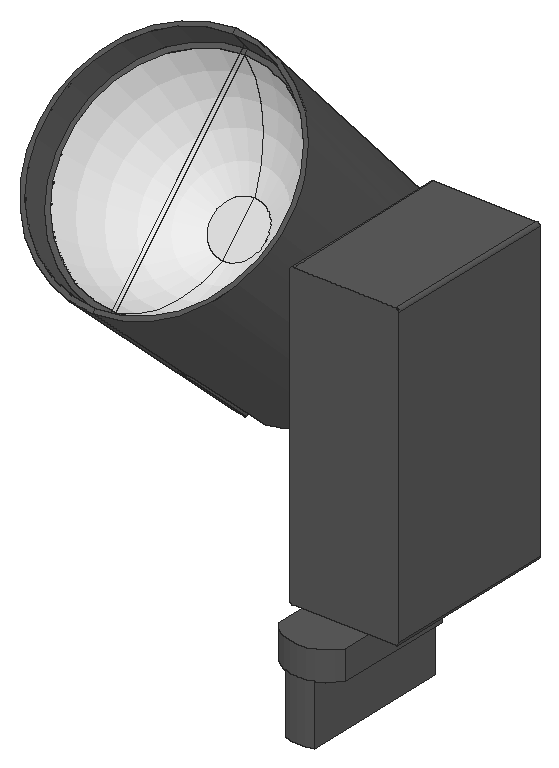
Revit family "0004893 Feilo Sylvania Lighting Fixture START TRACK SPOT L 55W 3K RA90 MB BLACK", category Lighting Fixtures, host Face, Revit 2017
Family settings
  Host = Face
  Round Connector Dimension = Use Diameter
  Part Type = Normal
  OmniClass Number = 23.80.70.00
  OmniClass Title = Lighting
  Cut with Voids When Loaded = No
  Light Source = No
  Shared = No
  Room Calculation Point = No
Parameters (values of type "0004893 START TRACK SPOT L 55W 3K RA90 MB BLACK")
  Weight = "1.398 kg"
  Wattage Comments = ""
  WarrantyStartDate [instance] = "n/a"
  WarrantyGuarantorParts = "n/a"
  WarrantyDurationUnit = "n/a"
  WarrantyDurationParts = "n/a"
  WarrantyDescription = "n/a"
  Voltage = 230 V
  URL = "http://www.sylvania-lighting.com"
  TypeName = "START TRACK SPOT L 55W 3K RA90 MB BLACK"
  TypeHead_FEILO = Start Track Spot Head : 0004893 START TRACK SPOT L 55W 3K RA90 MB BLACK
  TypeBox_FEILO = Start Track Spot Box : Type Large Black
  Type Image = <None>
  Type Comments = "n/a"
  VerticalRotation_FEILO [instance] = 0.00°
  SlideEndAngle_FEILO [instance] = VerticalRotation_FEILO + 180.00°  # 180.00°
  SerialNumber [instance] = "n/a"
  Material_3_FEILO = none
  PowerFactor = 0.96
  PowerConsumption = "55 W"
  NominalLength = 0 mm
  NominalHeight = 240 mm
  NominalDepth = 164 mm
  Name = "START TRACK SPOT L 55W 3K RA90 MB BLACK"
  ModelReference = Name  # "START TRACK SPOT L 55W 3K RA90 MB BLACK"
  ModelNumber = "0004893"
  Model = Name  # "START TRACK SPOT L 55W 3K RA90 MB BLACK"
  Material = "adc12 aluminium housing, polycarbonate diffuser"
  ManufacturerName = "Feilo Sylvania"
  Manufacturer = "Feilo Sylvania"
  LuminousEfficacy = "81 lm/W"
  LuminaireType = ""
  LightOutputRatio = "100"
  LampsType = Lamp  # "LED"
  LampNominalLuminous = "4448 lm"
  LampMacAdamStep = "3"
  LampColourTemperature = "3000 K"
  LampColourRenderingIndex = "90"
  Lamp = "LED"
  Keynote = "16500"
  InstallationDate [instance] = "n/a"
  InputVoltage = "230-240V~"
  InputNominalFrequency = "50/60 Hz"
  IngressProtection = "IP20"
  ImpactProtectionIndex = "IK02"
  IfcExportType = "IfcLightFixtureType"
  IfcExportAs = "IfcLightFixtureType"
  HorizontalRotation_FEILO [instance] = 45.00°
  ExpectedLife = 50000
  ElectricShockClassification = "Class II"
  DurationUnit = "hours"
  DocumentationLiterature = "http://www.sylvania-lighting.com/product/en-int/products/0004893"
  DimmingControlOptions = "Non dimmable"
  Material_2_FEILO = none
  Description = "Integrated LED spotlight, Textured Black - RAL9005, compact and minimalist design, ideal for retail applications, die-cast aluminium body, passive cooling heatsink. Beam angle: 38°, color temperature: 3000K , total system power: 55W, total fixture output: 4448 lm, LOR: 100%, colour rendering: Ra: 90 typical, LED Chromaticity: 3 step MacAdam ellipse, lifetime: >50000 hours at L70B50, energy class: A++, A+, A, IR/UV free light source without heat radiation, operating voltage: 220-240V / 50-60Hz, drive current: 1400mA, electronic driver, non-dimmable, power factor: 0.96, electrical protection: Class II, Global Track 3 Phase adapter suitable for Global trac 3-circuit tracks, ingress protection rating: IP20, suitable for internal environment only, horizontal rotation: 355°, vertical tilt: 90°, dimensions: Ø113x164x240, weight: 1.398kg."
  Default Elevation = 1219.2 mm
  CreatedOn = "12/12/2017"
  CreatedBy = ""
  Cost = 0
  built-in parameter 1114216 [instance] = (empty or 0)
  ClassificationValue = "EF_70_80"
  ClassificationName = "Uniclass2015"
  Material_1_FEILO = Body-Sylvania-StartTrackSpot-Black
  BarCode [instance] = "n/a"
  AssetType = "Fixed"
  AssetIdentifier [instance] = "n/a"
  Assembly Code = "D5020200"
  Apparent Load = 55 VA
  Material_4_FEILO = none
Reference planes
  plane 1 "Center (Front/Back)": y = 0
  plane 2: z = 0
  plane 3 "Center (Left/Right)": x = 0
  plane 4: x = 15
  plane 5: x = -15
  plane 6: y = 35
  plane 7: y = -35
  plane 8: z = 13
  plane 9: z = -27
  plane 10: x = 6.5
  plane 11: x = -6.5
  plane 12: y = 27
  plane 13: y = -27
  plane 14: y = 20
Forms (mm)
  Extrusion 1, solid, material "Body-Sylvania-StartTrackSpot-Black" <- "Material_1_FEILO"
    sketch origin (0, 0, 0) x (1, 0, 0) y (0, 1, 0)
      loop
        line (-15, 27) -> (-15, -27)
        arc (-15, -27) -> (0, -35) -> (15, -27) r 18.062
        line (15, -27) -> (15, 27)
        arc (15, 27) -> (0, 35) -> (-15, 27) r 18.062
    from 0 to 13
  Extrusion 2, solid, material "Body-Sylvania-StartTrackSpot-Black" <- "Material_1_FEILO"
    sketch origin (0, 0, 0) x (1, 0, 0) y (0, 1, 0)
      loop
        arc (6.5, 33.79) -> (0, 35) -> (-6.5, 33.79) r 18.062
        line (-6.5, 33.79) -> (-6.5, -33.79)
        arc (-6.5, -33.79) -> (0, -35) -> (6.5, -33.79) r 18.062
        line (6.5, -33.79) -> (6.5, 33.79)
    from 0 to -27
  Revolve 3, solid, not visible
    sketch origin (1524, 20, 1219.2) x (1, 0, 0) y (0, 0, 1)
      loop
        line (-1524, -1206.2) -> (-1524, -1191.285) -> (-1530.5, -1191.285) -> (-1530.5, -1206.2) -> (-1524, -1206.2)
      axis (-1524, -1191.285) -> (-1524, -1206.2)
    angle from 0 <- "VerticalRotation_FEILO" to 180 <- "SlideEndAngle_FEILO"
Cuts and joins
  joined: Extrusion 1, Extrusion 2
Dimensions and locks
  equal spacing: plane 10, plane 3 "Center (Left/Right)", plane 11
  equal spacing: plane 4, plane 3 "Center (Left/Right)", plane 5
  locked: plane 8 to plane 2 at 13
  locked: plane 8 to plane 9 at 40
  equal spacing: plane 13, plane 1 "Center (Front/Back)", plane 12
  locked: plane 12 to plane 6 at 8
  locked: plane 14 to plane 6 at 15
  locked: Revolve 3 sketch curve to plane 8 at 14.915
  aligned and locked: plane 2 to host face
  aligned and locked: level to host face
  aligned and locked: plane 5 to Extrusion 1 sketch curve  (x2)
  aligned and locked: plane 12 to Extrusion 1 sketch curve
  aligned and locked: plane 13 to Extrusion 1 sketch curve
  aligned and locked: plane 4 to Extrusion 1 sketch curve
  aligned and locked: Extrusion 1 to plane 8
  aligned and locked: Extrusion 1 to level
  aligned and locked: Extrusion 2 sketch curve to Extrusion 1  (x2)
  aligned and locked: Extrusion 2 sketch curve to plane 11
  aligned and locked: plane 10 to Extrusion 2 sketch curve
  aligned and locked: plane 9 to Extrusion 2
  aligned and locked: level to Extrusion 2
  aligned and locked: Revolve 3 sketch curve to plane 3 "Center (Left/Right)"  (x2)
  aligned and locked: plane 11 to Revolve 3 sketch curve
  aligned and locked: Revolve 3 sketch curve to plane 8
Automatic sketch dimensions
  host sketch curve to host sketch curve = 2438.4 mm  (x2)
  Extrusion 1 sketch curve to plane 3 "Center (Left/Right)" = 0 mm  (x2)
  Extrusion 1 sketch curve to plane 13 = 10.062 mm
  plane 12 to Extrusion 1 sketch curve = 10.062 mm
  Revolve 3 sketch curve to plane 3 "Center (Left/Right)" = 0 mm
  plane 9 to Revolve 3 sketch curve = 582.6 mm
  Revolve 3 sketch curve to Revolve 3 sketch curve = 2581.144 mm
Nested families
  nested 1: "Start Track Spot Head" at (-75.5, 20, 133) x (0, 0.7071, 0.7071) z (0, 0.7071, -0.7071), type <- "TypeHead_FEILO", type "0004893 START TRACK SPOT L 55W 3K RA90 MB BLACK"
    with built-in parameter 1114216 (empty or 0)
  nested 2: "Start Track Spot Box" at (8.5, 20, 85) x (-1, 0, 0) z (0, -1, 0), BoxStartAngle_FEILO <- "HorizontalRotation_FEILO", type <- "TypeBox_FEILO", type "Type Large Black"
    with BoxStartAngle_FEILO 45.00°, BoxEndAngle_FEILO -135.00°
Connectors
  electrical at (0, 0, 0), driven by "Apparent Load", driven by "PowerFactor", driven by "Voltage"
    settings: index 1, voltage 230 V, apparent load 55 VA, apparent load phase1 0 VA, apparent load phase2 0 VA, apparent load phase3 0 VA, power factor 0.96, load classification "Lighting", number of poles 1, system type 30, power factor state 1, is connector primary yes, connector utility no, sub classification motor no, connector description ""
Definition of nested family "Start Track Spot Head"
  Parameters (values of type "0004811 START TRACK SPOT S 14W 3K RA80 NB WHITE")
    Wattage Comments = "n/a"
    Wattage = 14 W
    built-in parameter 1150110 = 1 (stored number, unit not read)
    URL = "http://www.feilosylvania.com"
    Type Image = (empty or 0)
    Type Comments = "n/a"
    built-in parameter 1114217 = 1 (stored number, unit not read)
    Tilt Angle = -90.00°
    built-in parameter 1150109 = 1 (stored number, unit not read)
    built-in parameter 1150134 = (empty or 0)
    built-in parameter 1150113 = 1 (stored number, unit not read)
    Photometric Web File = "0004811.ies"
    Material_3_FEILO = none
    Model = "START TRACK SPOT S 14W 3K RA80 NB WHITE"
    Manufacturer = "Feilo Sylvania"
    built-in parameter 1150105 = 123.66 (stored number, unit not read)
    Lumens = 1554 lm
    built-in parameter 1150115 = 1 (stored number, unit not read)
    built-in parameter 1150137 = (empty or 0)
    built-in parameter 1150139 = (empty or 0)
    built-in parameter 1150112 = 1 (stored number, unit not read)
    built-in parameter 1150114 = 1 (stored number, unit not read)
    Lamp = "LED"
    Keynote = "16500"
    Material_2_FEILO = none
    built-in parameter 1150132 = (empty or 0)
    built-in parameter 1150102 = (empty or 0)
    built-in parameter 1150107 = 3000 (stored number, unit not read)
    built-in parameter 1150138 = (empty or 0)
    built-in parameter 1150106 = 1.2366 (stored number, unit not read)
    HeadThickness_FEILO = if(HeadDiaOut_FEILO > 112 mm, 2 mm, 1.5 mm)  # 1.5 mm
    HeadRibOffset_FEILO = HeadHeight_FEILO / 28  # 4.179 mm
    HeadRibDepth_FEILO = HeadHeight_FEILO / 2.1  # 55.714 mm
    HeadRibCutWidth_FEILO = HeadDiaOut_FEILO / 12  # 7.167 mm
    HeadRibCutOffset_FEILO = HeadHeight_FEILO / 2.3  # 50.87 mm
    HeadReflectorRadius_FEILO = HeadDiaOut_FEILO / 1.7  # 50.588 mm
    HeadReflectorOffset_FEILO = HeadHeight_FEILO / 2.1  # 55.714 mm
    HeadLEDRadius_FEILO = HeadDiaOut_FEILO / 9  # 9.556 mm
    HeadHeight_FEILO = 117 mm
    HeadDraft_FEILO = 1 mm
    HeadDiffusorThickness_FEILO = 3 mm
    HeadDiffusorOffset_FEILO = HeadHeight_FEILO / 12.4  # 9.435 mm
    HeadDiaOut_FEILO = 86 mm
    HeadDiaIn_FEILO = HeadDiaOut_FEILO / 1.11  # 77.477 mm
    HeadAxisFromTop_FEILO = HeadHeight_FEILO / 1.687  # 69.354 mm
    Emit from Circle Diameter = HeadDiaIn_FEILO  # 77.477 mm
    Emit Shape Visible in Rendering = no
    built-in parameter 1150104 = 10.312 (stored number, unit not read)
    Dimming Lamp Color Temperature Shift = (empty or 0)
    Description = "Integrated LED spotlight, Textured White - RAL9016, compact and minimalist design, ideal for retail applications, die-cast aluminium body, passive cooling heatsink. Beam angle: 12°, color temperature: 3000K , total system power: 14W, total fixture output: 1551 lm, LOR: 100%, colour rendering: Ra: 80 typical, LED Chromaticity: 3 step MacAdam ellipse, lifetime: >50000 hours at L70B50, energy class: A++, A+, A, IR/UV free light source without heat radiation, operating voltage: 220-240V / 50-60Hz, drive current: 350mA, electronic driver, non-dimmable, power factor: 0.92, electrical protection: Class II, Global Track 3 Phase adapter suitable for Global trac 3-circuit tracks, ingress protection rating: IP20, suitable for internal environment only, horizontal rotation: 355°, vertical tilt: 90°, dimensions: Ø86x140x200, weight: 0.940kg."
    Default Elevation = 1219.2 mm
    Cost = 0
    Color Filter = 16777215
    built-in parameter 1114216 [instance] = (empty or 0)
    Material_1_FEILO = none
    built-in parameter 1114218 = 1 (stored number, unit not read)
    built-in parameter 1150133 = 10 (stored number, unit not read)
    Assembly Code = "D5020200"
    Apparent Load = 14 VA
    Material_4_FEILO = none
  Types (96, lengths in mm): name | Wattage | built-in parameter 1150134 | Photometric Web File | Model | built-in parameter 1150105 | Lumens | built-in parameter 1150107 | built-in parameter 1150106 | HeadThickness_FEILO | HeadRibOffset_FEILO | HeadRibDepth_FEILO | HeadRibCutWidth_FEILO | HeadRibCutOffset_FEILO | HeadReflectorRadius_FEILO | HeadReflectorOffset_FEILO | HeadLEDRadius_FEILO | HeadHeight_FEILO | HeadDiffusorOffset_FEILO | HeadDiaOut_FEILO | HeadDiaIn_FEILO | HeadAxisFromTop_FEILO | Emit from Circle Diameter | built-in parameter 1150104 | Description | Apparent Load
    0004906 START TRACK SPOT L 55W 4K RA90 WB BLACK | 55 W | 12 | "0004906.ies" | "START TRACK SPOT L 55W 4K RA90 WB BLACK" | 385.15 (stored number, unit not read) | 4840 lm | 4000 (stored number, unit not read) | 3.8515 (stored number, unit not read) | 2 | 4.429 | 59.048 | 9.417 | 53.913 | 66.471 | 59.048 | 12.556 | 124 | 10 | 113 | 101.802 | 73.503 | 101.802 | 8.1755 (stored number, unit not read) | "Integrated LED spotlight, Textured Black - RAL9005, compact and minimalist design, ideal for retail applications, die-cast aluminium body, passive cooling heatsink. Beam angle: 52°, color temperature: 4000K , total system power: 55W, total fixture output: 4824 lm, LOR: 100%, colour rendering: Ra: 90 typical, LED Chromaticity: 3 step MacAdam ellipse, lifetime: >50000 hours at L70B50, energy class: A++, A+, A, IR/UV free light source without heat radiation, operating voltage: 220-240V / 50-60Hz, drive current: 1400mA, electronic driver, non-dimmable, power factor: 0.96, electrical protection: Class II, Global Track 3 Phase adapter suitable for Global trac 3-circuit tracks, ingress protection rating: IP20, suitable for internal environment only, horizontal rotation: 355°, vertical tilt: 90°, dimensions: Ø113x164x240, weight: 1.398kg." | 55 VA
    0004905 START TRACK SPOT L 55W 4K RA90 MB BLACK | 55 W | 12 | "0004905.ies" | "START TRACK SPOT L 55W 4K RA90 MB BLACK" | 389.53 (stored number, unit not read) | 4895 lm | 4000 (stored number, unit not read) | 3.8953 (stored number, unit not read) | 2 | 4.429 | 59.048 | 9.417 | 53.913 | 66.471 | 59.048 | 12.556 | 124 | 10 | 113 | 101.802 | 73.503 | 101.802 | 8.2684 (stored number, unit not read) | "Integrated LED spotlight, Textured Black - RAL9005, compact and minimalist design, ideal for retail applications, die-cast aluminium body, passive cooling heatsink. Beam angle: 38°, color temperature: 4000K , total system power: 55W, total fixture output: 4897 lm, LOR: 100%, colour rendering: Ra: 90 typical, LED Chromaticity: 3 step MacAdam ellipse, lifetime: >50000 hours at L70B50, energy class: A++, A+, A, IR/UV free light source without heat radiation, operating voltage: 220-240V / 50-60Hz, drive current: 1400mA, electronic driver, non-dimmable, power factor: 0.96, electrical protection: Class II, Global Track 3 Phase adapter suitable for Global trac 3-circuit tracks, ingress protection rating: IP20, suitable for internal environment only, horizontal rotation: 355°, vertical tilt: 90°, dimensions: Ø113x164x240, weight: 1.398kg." | 55 VA
    0004904 START TRACK SPOT L 55W 4K RA90 NB BLACK | 55 W | 12 | "0004904.ies" | "START TRACK SPOT L 55W 4K RA90 NB BLACK" | 393.91 (stored number, unit not read) | 4950 lm | 4000 (stored number, unit not read) | 3.9391 (stored number, unit not read) | 2 | 4.429 | 59.048 | 9.417 | 53.913 | 66.471 | 59.048 | 12.556 | 124 | 10 | 113 | 101.802 | 73.503 | 101.802 | 8.3613 (stored number, unit not read) | "Integrated LED spotlight, Textured Black - RAL9005, compact and minimalist design, ideal for retail applications, die-cast aluminium body, passive cooling heatsink. Beam angle: 15°, color temperature: 4000K , total system power: 55W, total fixture output: 4965 lm, LOR: 100%, colour rendering: Ra: 90 typical, LED Chromaticity: 3 step MacAdam ellipse, lifetime: >50000 hours at L70B50, energy class: A++, A+, A, IR/UV free light source without heat radiation, operating voltage: 220-240V / 50-60Hz, drive current: 1400mA, electronic driver, non-dimmable, power factor: 0.96, electrical protection: Class II, Global Track 3 Phase adapter suitable for Global trac 3-circuit tracks, ingress protection rating: IP20, suitable for internal environment only, horizontal rotation: 355°, vertical tilt: 90°, dimensions: Ø113x164x240, weight: 1.398kg." | 55 VA
    0004903 START TRACK SPOT L 35W 4K RA90 WB BLACK | 35 W | 12 | "0004903.ies" | "START TRACK SPOT L 35W 4K RA90 WB BLACK" | 284.09 (stored number, unit not read) | 3570 lm | 4000 (stored number, unit not read) | 2.8409 (stored number, unit not read) | 2 | 4.429 | 59.048 | 9.417 | 53.913 | 66.471 | 59.048 | 12.556 | 124 | 10 | 113 | 101.802 | 73.503 | 101.802 | 9.4761 (stored number, unit not read) | "Integrated LED spotlight, Textured Black - RAL9005, compact and minimalist design, ideal for retail applications, die-cast aluminium body, passive cooling heatsink. Beam angle: 52°, color temperature: 4000K , total system power: 35W, total fixture output: 3562 lm, LOR: 100%, colour rendering: Ra: 90 typical, LED Chromaticity: 3 step MacAdam ellipse, lifetime: >50000 hours at L70B50, energy class: A++, A+, A, IR/UV free light source without heat radiation, operating voltage: 220-240V / 50-60Hz, drive current: 900mA, electronic driver, non-dimmable, power factor: 0.93, electrical protection: Class II, Global Track 3 Phase adapter suitable for Global trac 3-circuit tracks, ingress protection rating: IP20, suitable for internal environment only, horizontal rotation: 355°, vertical tilt: 90°, dimensions: Ø113x164x240, weight: 1.368kg." | 35 VA
    0004902 START TRACK SPOT L 35W 4K RA90 MB BLACK | 35 W | 12 | "0004902.ies" | "START TRACK SPOT L 35W 4K RA90 MB BLACK" | 286.88 (stored number, unit not read) | 3605 lm | 4000 (stored number, unit not read) | 2.8688 (stored number, unit not read) | 2 | 4.429 | 59.048 | 9.417 | 53.913 | 66.471 | 59.048 | 12.556 | 124 | 10 | 113 | 101.802 | 73.503 | 101.802 | 9.569 (stored number, unit not read) | "Integrated LED spotlight, Textured Black - RAL9005, compact and minimalist design, ideal for retail applications, die-cast aluminium body, passive cooling heatsink. Beam angle: 38°, color temperature: 4000K , total system power: 35W, total fixture output: 3616 lm, LOR: 100%, colour rendering: Ra: 90 typical, LED Chromaticity: 3 step MacAdam ellipse, lifetime: >50000 hours at L70B50, energy class: A++, A+, A, IR/UV free light source without heat radiation, operating voltage: 220-240V / 50-60Hz, drive current: 900mA, electronic driver, non-dimmable, power factor: 0.93, electrical protection: Class II, Global Track 3 Phase adapter suitable for Global trac 3-circuit tracks, ingress protection rating: IP20, suitable for internal environment only, horizontal rotation: 355°, vertical tilt: 90°, dimensions: Ø113x164x240, weight: 1.368kg." | 35 VA
    0004901 START TRACK SPOT L 35W 4K RA90 NB BLACK | 35 W | 12 | "0004901.ies" | "START TRACK SPOT L 35W 4K RA90 NB BLACK" | 286.88 (stored number, unit not read) | 3605 lm | 4000 (stored number, unit not read) | 2.8688 (stored number, unit not read) | 2 | 4.429 | 59.048 | 9.417 | 53.913 | 66.471 | 59.048 | 12.556 | 124 | 10 | 113 | 101.802 | 73.503 | 101.802 | 9.569 (stored number, unit not read) | "Integrated LED spotlight, Textured Black - RAL9005, compact and minimalist design, ideal for retail applications, die-cast aluminium body, passive cooling heatsink. Beam angle: 15°, color temperature: 4000K , total system power: 35W, total fixture output: 3593 lm, LOR: 100%, colour rendering: Ra: 90 typical, LED Chromaticity: 3 step MacAdam ellipse, lifetime: >50000 hours at L70B50, energy class: A++, A+, A, IR/UV free light source without heat radiation, operating voltage: 220-240V / 50-60Hz, drive current: 900mA, electronic driver, non-dimmable, power factor: 0.93, electrical protection: Class II, Global Track 3 Phase adapter suitable for Global trac 3-circuit tracks, ingress protection rating: IP20, suitable for internal environment only, horizontal rotation: 355°, vertical tilt: 90°, dimensions: Ø113x164x240, weight: 1.368kg." | 35 VA
    0004900 START TRACK SPOT S 24W 4K RA90 WB BLACK | 24 W | 12 | "0004900.ies" | "START TRACK SPOT S 24W 4K RA90 WB BLACK" | 166.16 (stored number, unit not read) | 2088 lm | 4000 (stored number, unit not read) | 1.6616 (stored number, unit not read) | 1.5 | 4.179 | 55.714 | 7.167 | 50.87 | 50.588 | 55.714 | 9.556 | 117 | 9.435 | 86 | 77.477 | 69.354 | 77.477 | 8.0826 (stored number, unit not read) | "Integrated LED spotlight, Textured Black - RAL9005, compact and minimalist design, ideal for retail applications, die-cast aluminium body, passive cooling heatsink. Beam angle: 64°, color temperature: 4000K , total system power: 24W, total fixture output: 2087 lm, LOR: 100%, colour rendering: Ra: 90 typical, LED Chromaticity: 3 step MacAdam ellipse, lifetime: >50000 hours at L70B50, energy class: A++, A+, A, IR/UV free light source without heat radiation, operating voltage: 220-240V / 50-60Hz, drive current: 600mA, electronic driver, non-dimmable, power factor: 0.95, electrical protection: Class II, Global Track 3 Phase adapter suitable for Global trac 3-circuit tracks, ingress protection rating: IP20, suitable for internal environment only, horizontal rotation: 355°, vertical tilt: 90°, dimensions: Ø86x140x200, weight: 0.966kg." | 24 VA
    0004899 START TRACK SPOT S 24W 4K RA90 MB BLACK | 24 W | 12 | "0004899.ies" | "START TRACK SPOT S 24W 4K RA90 MB BLACK" | 169.98 (stored number, unit not read) | 2136 lm | 4000 (stored number, unit not read) | 1.6998 (stored number, unit not read) | 1.5 | 4.179 | 55.714 | 7.167 | 50.87 | 50.588 | 55.714 | 9.556 | 117 | 9.435 | 86 | 77.477 | 69.354 | 77.477 | 8.2684 (stored number, unit not read) | "Integrated LED spotlight, Textured Black - RAL9005, compact and minimalist design, ideal for retail applications, die-cast aluminium body, passive cooling heatsink. Beam angle: 36°, color temperature: 4000K , total system power: 24W, total fixture output: 2141 lm, LOR: 100%, colour rendering: Ra: 90 typical, LED Chromaticity: 3 step MacAdam ellipse, lifetime: >50000 hours at L70B50, energy class: A++, A+, A, IR/UV free light source without heat radiation, operating voltage: 220-240V / 50-60Hz, drive current: 600mA, electronic driver, non-dimmable, power factor: 0.95, electrical protection: Class II, Global Track 3 Phase adapter suitable for Global trac 3-circuit tracks, ingress protection rating: IP20, suitable for internal environment only, horizontal rotation: 355°, vertical tilt: 90°, dimensions: Ø86x140x200, weight: 0.966kg." | 24 VA
    0004898 START TRACK SPOT S 24W 4K RA90 NB BLACK | 24 W | 12 | "0004898.ies" | "START TRACK SPOT S 24W 4K RA90 NB BLACK" | 171.89 (stored number, unit not read) | 2160 lm | 4000 (stored number, unit not read) | 1.7189 (stored number, unit not read) | 1.5 | 4.179 | 55.714 | 7.167 | 50.87 | 50.588 | 55.714 | 9.556 | 117 | 9.435 | 86 | 77.477 | 69.354 | 77.477 | 8.3613 (stored number, unit not read) | "Integrated LED spotlight, Textured Black - RAL9005, compact and minimalist design, ideal for retail applications, die-cast aluminium body, passive cooling heatsink. Beam angle: 12°, color temperature: 4000K , total system power: 24W, total fixture output: 2155 lm, LOR: 100%, colour rendering: Ra: 90 typical, LED Chromaticity: 3 step MacAdam ellipse, lifetime: >50000 hours at L70B50, energy class: A++, A+, A, IR/UV free light source without heat radiation, operating voltage: 220-240V / 50-60Hz, drive current: 600mA, electronic driver, non-dimmable, power factor: 0.95, electrical protection: Class II, Global Track 3 Phase adapter suitable for Global trac 3-circuit tracks, ingress protection rating: IP20, suitable for internal environment only, horizontal rotation: 355°, vertical tilt: 90°, dimensions: Ø86x140x200, weight: 0.966kg." | 24 VA
    0004897 START TRACK SPOT S 14W 4K RA90 WB BLACK | 14 W | 12 | "0004897.ies" | "START TRACK SPOT S 14W 4K RA90 WB BLACK" | 108.07 (stored number, unit not read) | 1358 lm | 4000 (stored number, unit not read) | 1.0807 (stored number, unit not read) | 1.5 | 4.179 | 55.714 | 7.167 | 50.87 | 50.588 | 55.714 | 9.556 | 117 | 9.435 | 86 | 77.477 | 69.354 | 77.477 | 9.0116 (stored number, unit not read) | "Integrated LED spotlight, Textured Black - RAL9005, compact and minimalist design, ideal for retail applications, die-cast aluminium body, passive cooling heatsink. Beam angle: 64°, color temperature: 4000K , total system power: 14W, total fixture output: 1352 lm, LOR: 100%, colour rendering: Ra: 90 typical, LED Chromaticity: 3 step MacAdam ellipse, lifetime: >50000 hours at L70B50, energy class: A++, A+, A, IR/UV free light source without heat radiation, operating voltage: 220-240V / 50-60Hz, drive current: 350mA, electronic driver, non-dimmable, power factor: 0.92, electrical protection: Class II, Global Track 3 Phase adapter suitable for Global trac 3-circuit tracks, ingress protection rating: IP20, suitable for internal environment only, horizontal rotation: 355°, vertical tilt: 90°, dimensions: Ø86x140x200, weight: 0.940kg." | 14 VA
    0004896 START TRACK SPOT S 14W 4K RA90 MB BLACK | 14 W | 12 | "0004896.ies" | "START TRACK SPOT S 14W 4K RA90 MB BLACK" | 108.07 (stored number, unit not read) | 1358 lm | 4000 (stored number, unit not read) | 1.0807 (stored number, unit not read) | 1.5 | 4.179 | 55.714 | 7.167 | 50.87 | 50.588 | 55.714 | 9.556 | 117 | 9.435 | 86 | 77.477 | 69.354 | 77.477 | 9.0116 (stored number, unit not read) | "Integrated LED spotlight, Textured Black - RAL9005, compact and minimalist design, ideal for retail applications, die-cast aluminium body, passive cooling heatsink. Beam angle: 36°, color temperature: 4000K , total system power: 14W, total fixture output: 1359 lm, LOR: 100%, colour rendering: Ra: 90 typical, LED Chromaticity: 3 step MacAdam ellipse, lifetime: >50000 hours at L70B50, energy class: A++, A+, A, IR/UV free light source without heat radiation, operating voltage: 220-240V / 50-60Hz, drive current: 350mA, electronic driver, non-dimmable, power factor: 0.92, electrical protection: Class II, Global Track 3 Phase adapter suitable for Global trac 3-circuit tracks, ingress protection rating: IP20, suitable for internal environment only, horizontal rotation: 355°, vertical tilt: 90°, dimensions: Ø86x140x200, weight: 0.940kg." | 14 VA
    0004895 START TRACK SPOT S 14W 4K RA90 NB BLACK | 14 W | 12 | "0004895.ies" | "START TRACK SPOT S 14W 4K RA90 NB BLACK" | 106.95 (stored number, unit not read) | 1344 lm | 4000 (stored number, unit not read) | 1.0695 (stored number, unit not read) | 1.5 | 4.179 | 55.714 | 7.167 | 50.87 | 50.588 | 55.714 | 9.556 | 117 | 9.435 | 86 | 77.477 | 69.354 | 77.477 | 8.9187 (stored number, unit not read) | "Integrated LED spotlight, Textured Black - RAL9005, compact and minimalist design, ideal for retail applications, die-cast aluminium body, passive cooling heatsink. Beam angle: 12°, color temperature: 4000K , total system power: 14W, total fixture output: 1349 lm, LOR: 100%, colour rendering: Ra: 90 typical, LED Chromaticity: 3 step MacAdam ellipse, lifetime: >50000 hours at L70B50, energy class: A++, A+, A, IR/UV free light source without heat radiation, operating voltage: 220-240V / 50-60Hz, drive current: 350mA, electronic driver, non-dimmable, power factor: 0.92, electrical protection: Class II, Global Track 3 Phase adapter suitable for Global trac 3-circuit tracks, ingress protection rating: IP20, suitable for internal environment only, horizontal rotation: 355°, vertical tilt: 90°, dimensions: Ø86x140x200, weight: 0.940kg." | 14 VA
    0004894 START TRACK SPOT L 55W 3K RA90 WB BLACK | 55 W | (empty or 0) | "0004894.ies" | "START TRACK SPOT L 55W 3K RA90 WB BLACK" | 350.14 (stored number, unit not read) | 4400 lm | 3000 (stored number, unit not read) | 3.5014 (stored number, unit not read) | 2 | 4.429 | 59.048 | 9.417 | 53.913 | 66.471 | 59.048 | 12.556 | 124 | 10 | 113 | 101.802 | 73.503 | 101.802 | 7.4322 (stored number, unit not read) | "Integrated LED spotlight, Textured Black - RAL9005, compact and minimalist design, ideal for retail applications, die-cast aluminium body, passive cooling heatsink. Beam angle: 52°, color temperature: 3000K , total system power: 55W, total fixture output: 4405 lm, LOR: 100%, colour rendering: Ra: 90 typical, LED Chromaticity: 3 step MacAdam ellipse, lifetime: >50000 hours at L70B50, energy class: A++, A+, A, IR/UV free light source without heat radiation, operating voltage: 220-240V / 50-60Hz, drive current: 1400mA, electronic driver, non-dimmable, power factor: 0.96, electrical protection: Class II, Global Track 3 Phase adapter suitable for Global trac 3-circuit tracks, ingress protection rating: IP20, suitable for internal environment only, horizontal rotation: 355°, vertical tilt: 90°, dimensions: Ø113x164x240, weight: 1.398kg." | 55 VA
    0004893 START TRACK SPOT L 55W 3K RA90 MB BLACK | 55 W | (empty or 0) | "0004893.ies" | "START TRACK SPOT L 55W 3K RA90 MB BLACK" | 354.52 (stored number, unit not read) | 4455 lm | 3000 (stored number, unit not read) | 3.5452 (stored number, unit not read) | 2 | 4.429 | 59.048 | 9.417 | 53.913 | 66.471 | 59.048 | 12.556 | 124 | 10 | 113 | 101.802 | 73.503 | 101.802 | 7.5251 (stored number, unit not read) | "Integrated LED spotlight, Textured Black - RAL9005, compact and minimalist design, ideal for retail applications, die-cast aluminium body, passive cooling heatsink. Beam angle: 38°, color temperature: 3000K , total system power: 55W, total fixture output: 4448 lm, LOR: 100%, colour rendering: Ra: 90 typical, LED Chromaticity: 3 step MacAdam ellipse, lifetime: >50000 hours at L70B50, energy class: A++, A+, A, IR/UV free light source without heat radiation, operating voltage: 220-240V / 50-60Hz, drive current: 1400mA, electronic driver, non-dimmable, power factor: 0.96, electrical protection: Class II, Global Track 3 Phase adapter suitable for Global trac 3-circuit tracks, ingress protection rating: IP20, suitable for internal environment only, horizontal rotation: 355°, vertical tilt: 90°, dimensions: Ø113x164x240, weight: 1.398kg." | 55 VA
    0004892 START TRACK SPOT L 55W 3K RA90 NB BLACK | 55 W | (empty or 0) | "0004892.ies" | "START TRACK SPOT L 55W 3K RA90 NB BLACK" | 350.14 (stored number, unit not read) | 4400 lm | 3000 (stored number, unit not read) | 3.5014 (stored number, unit not read) | 2 | 4.429 | 59.048 | 9.417 | 53.913 | 66.471 | 59.048 | 12.556 | 124 | 10 | 113 | 101.802 | 73.503 | 101.802 | 7.4322 (stored number, unit not read) | "Integrated LED spotlight, Textured Black - RAL9005, compact and minimalist design, ideal for retail applications, die-cast aluminium body, passive cooling heatsink. Beam angle: 15°, color temperature: 3000K , total system power: 55W, total fixture output: 4416 lm, LOR: 100%, colour rendering: Ra: 90 typical, LED Chromaticity: 3 step MacAdam ellipse, lifetime: >50000 hours at L70B50, energy class: A++, A+, A, IR/UV free light source without heat radiation, operating voltage: 220-240V / 50-60Hz, drive current: 1400mA, electronic driver, non-dimmable, power factor: 0.96, electrical protection: Class II, Global Track 3 Phase adapter suitable for Global trac 3-circuit tracks, ingress protection rating: IP20, suitable for internal environment only, horizontal rotation: 355°, vertical tilt: 90°, dimensions: Ø113x164x240, weight: 1.398kg." | 55 VA
    0004891 START TRACK SPOT L 35W 3K RA90 WB BLACK | 35 W | (empty or 0) | "0004891.ies" | "START TRACK SPOT L 35W 3K RA90 WB BLACK" | 259.02 (stored number, unit not read) | 3255 lm | 3000 (stored number, unit not read) | 2.5902 (stored number, unit not read) | 2 | 4.429 | 59.048 | 9.417 | 53.913 | 66.471 | 59.048 | 12.556 | 124 | 10 | 113 | 101.802 | 73.503 | 101.802 | 8.64 (stored number, unit not read) | "Integrated LED spotlight, Textured Black - RAL9005, compact and minimalist design, ideal for retail applications, die-cast aluminium body, passive cooling heatsink. Beam angle: 52°, color temperature: 3000K , total system power: 35W, total fixture output: 3260 lm, LOR: 100%, colour rendering: Ra: 90 typical, LED Chromaticity: 3 step MacAdam ellipse, lifetime: >50000 hours at L70B50, energy class: A++, A+, A, IR/UV free light source without heat radiation, operating voltage: 220-240V / 50-60Hz, drive current: 900mA, electronic driver, non-dimmable, power factor: 0.93, electrical protection: Class II, Global Track 3 Phase adapter suitable for Global trac 3-circuit tracks, ingress protection rating: IP20, suitable for internal environment only, horizontal rotation: 355°, vertical tilt: 90°, dimensions: Ø113x164x240, weight: 1.368kg." | 35 VA
    0004890 START TRACK SPOT L 35W 3K RA90 MB BLACK | 35 W | (empty or 0) | "0004890.ies" | "START TRACK SPOT L 35W 3K RA90 MB BLACK" | 261.81 (stored number, unit not read) | 3290 lm | 3000 (stored number, unit not read) | 2.6181 (stored number, unit not read) | 2 | 4.429 | 59.048 | 9.417 | 53.913 | 66.471 | 59.048 | 12.556 | 124 | 10 | 113 | 101.802 | 73.503 | 101.802 | 8.7329 (stored number, unit not read) | "Integrated LED spotlight, Textured Black - RAL9005, compact and minimalist design, ideal for retail applications, die-cast aluminium body, passive cooling heatsink. Beam angle: 38°, color temperature: 3000K , total system power: 35W, total fixture output: 3306 lm, LOR: 100%, colour rendering: Ra: 90 typical, LED Chromaticity: 3 step MacAdam ellipse, lifetime: >50000 hours at L70B50, energy class: A++, A+, A, IR/UV free light source without heat radiation, operating voltage: 220-240V / 50-60Hz, drive current: 900mA, electronic driver, non-dimmable, power factor: 0.93, electrical protection: Class II, Global Track 3 Phase adapter suitable for Global trac 3-circuit tracks, ingress protection rating: IP20, suitable for internal environment only, horizontal rotation: 355°, vertical tilt: 90°, dimensions: Ø113x164x240, weight: 1.368kg." | 35 VA
    0004889 START TRACK SPOT L 35W 3K RA90 NB BLACK | 35 W | (empty or 0) | "0004889.ies" | "START TRACK SPOT L 35W 3K RA90 NB BLACK" | 261.81 (stored number, unit not read) | 3290 lm | 3000 (stored number, unit not read) | 2.6181 (stored number, unit not read) | 2 | 4.429 | 59.048 | 9.417 | 53.913 | 66.471 | 59.048 | 12.556 | 124 | 10 | 113 | 101.802 | 73.503 | 101.802 | 8.7329 (stored number, unit not read) | "Integrated LED spotlight, Textured Black - RAL9005, compact and minimalist design, ideal for retail applications, die-cast aluminium body, passive cooling heatsink. Beam angle: 15°, color temperature: 3000K , total system power: 35W, total fixture output: 3287 lm, LOR: 100%, colour rendering: Ra: 90 typical, LED Chromaticity: 3 step MacAdam ellipse, lifetime: >50000 hours at L70B50, energy class: A++, A+, A, IR/UV free light source without heat radiation, operating voltage: 220-240V / 50-60Hz, drive current: 900mA, electronic driver, non-dimmable, power factor: 0.93, electrical protection: Class II, Global Track 3 Phase adapter suitable for Global trac 3-circuit tracks, ingress protection rating: IP20, suitable for internal environment only, horizontal rotation: 355°, vertical tilt: 90°, dimensions: Ø113x164x240, weight: 1.368kg." | 35 VA
    0004888 START TRACK SPOT S 24W 3K RA90 WB BLACK | 24 W | (empty or 0) | "0004888.ies" | "START TRACK SPOT S 24W 3K RA90 WB BLACK" | 152.79 (stored number, unit not read) | 1920 lm | 3000 (stored number, unit not read) | 1.5279 (stored number, unit not read) | 1.5 | 4.179 | 55.714 | 7.167 | 50.87 | 50.588 | 55.714 | 9.556 | 117 | 9.435 | 86 | 77.477 | 69.354 | 77.477 | 7.4322 (stored number, unit not read) | "Integrated LED spotlight, Textured Black - RAL9005, compact and minimalist design, ideal for retail applications, die-cast aluminium body, passive cooling heatsink. Beam angle: 64°, color temperature: 3000K , total system power: 24W, total fixture output: 1928 lm, LOR: 100%, colour rendering: Ra: 90 typical, LED Chromaticity: 3 step MacAdam ellipse, lifetime: >50000 hours at L70B50, energy class: A++, A+, A, IR/UV free light source without heat radiation, operating voltage: 220-240V / 50-60Hz, drive current: 600mA, electronic driver, non-dimmable, power factor: 0.95, electrical protection: Class II, Global Track 3 Phase adapter suitable for Global trac 3-circuit tracks, ingress protection rating: IP20, suitable for internal environment only, horizontal rotation: 355°, vertical tilt: 90°, dimensions: Ø86x140x200, weight: 0.966kg." | 24 VA
    0004887 START TRACK SPOT S 24W 3K RA90 MB BLACK | 24 W | (empty or 0) | "0004887.ies" | "START TRACK SPOT S 24W 3K RA90 MB BLACK" | 154.7 (stored number, unit not read) | 1944 lm | 3000 (stored number, unit not read) | 1.547 (stored number, unit not read) | 1.5 | 4.179 | 55.714 | 7.167 | 50.87 | 50.588 | 55.714 | 9.556 | 117 | 9.435 | 86 | 77.477 | 69.354 | 77.477 | 7.5251 (stored number, unit not read) | "Integrated LED spotlight, Textured Black - RAL9005, compact and minimalist design, ideal for retail applications, die-cast aluminium body, passive cooling heatsink. Beam angle: 36°, color temperature: 3000K , total system power: 24W, total fixture output: 1944 lm, LOR: 100%, colour rendering: Ra: 90 typical, LED Chromaticity: 3 step MacAdam ellipse, lifetime: >50000 hours at L70B50, energy class: A++, A+, A, IR/UV free light source without heat radiation, operating voltage: 220-240V / 50-60Hz, drive current: 600mA, electronic driver, non-dimmable, power factor: 0.95, electrical protection: Class II, Global Track 3 Phase adapter suitable for Global trac 3-circuit tracks, ingress protection rating: IP20, suitable for internal environment only, horizontal rotation: 355°, vertical tilt: 90°, dimensions: Ø86x140x200, weight: 0.966kg." | 24 VA
    0004886 START TRACK SPOT S 24W 3K RA90 NB BLACK | 24 W | (empty or 0) | "0004886.ies" | "START TRACK SPOT S 24W 3K RA90 NB BLACK" | 158.52 (stored number, unit not read) | 1992 lm | 3000 (stored number, unit not read) | 1.5852 (stored number, unit not read) | 1.5 | 4.179 | 55.714 | 7.167 | 50.87 | 50.588 | 55.714 | 9.556 | 117 | 9.435 | 86 | 77.477 | 69.354 | 77.477 | 7.711 (stored number, unit not read) | "Integrated LED spotlight, Textured Black - RAL9005, compact and minimalist design, ideal for retail applications, die-cast aluminium body, passive cooling heatsink. Beam angle: 12°, color temperature: 3000K , total system power: 24W, total fixture output: 1987 lm, LOR: 100%, colour rendering: Ra: 90 typical, LED Chromaticity: 3 step MacAdam ellipse, lifetime: >50000 hours at L70B50, energy class: A++, A+, A, IR/UV free light source without heat radiation, operating voltage: 220-240V / 50-60Hz, drive current: 600mA, electronic driver, non-dimmable, power factor: 0.95, electrical protection: Class II, Global Track 3 Phase adapter suitable for Global trac 3-circuit tracks, ingress protection rating: IP20, suitable for internal environment only, horizontal rotation: 355°, vertical tilt: 90°, dimensions: Ø86x140x200, weight: 0.966kg." | 24 VA
    0004885 START TRACK SPOT S 14W 3K RA90 WB BLACK | 14 W | (empty or 0) | "0004885.ies" | "START TRACK SPOT S 14W 3K RA90 WB BLACK" | 100.27 (stored number, unit not read) | 1260 lm | 3000 (stored number, unit not read) | 1.0027 (stored number, unit not read) | 1.5 | 4.179 | 55.714 | 7.167 | 50.87 | 50.588 | 55.714 | 9.556 | 117 | 9.435 | 86 | 77.477 | 69.354 | 77.477 | 8.3613 (stored number, unit not read) | "Integrated LED spotlight, Textured Black - RAL9005, compact and minimalist design, ideal for retail applications, die-cast aluminium body, passive cooling heatsink. Beam angle: 64°, color temperature: 3000K , total system power: 14W, total fixture output: 1262 lm, LOR: 100%, colour rendering: Ra: 90 typical, LED Chromaticity: 3 step MacAdam ellipse, lifetime: >50000 hours at L70B50, energy class: A++, A+, A, IR/UV free light source without heat radiation, operating voltage: 220-240V / 50-60Hz, drive current: 350mA, electronic driver, non-dimmable, power factor: 0.92, electrical protection: Class II, Global Track 3 Phase adapter suitable for Global trac 3-circuit tracks, ingress protection rating: IP20, suitable for internal environment only, horizontal rotation: 355°, vertical tilt: 90°, dimensions: Ø86x140x200, weight: 0.940kg." | 14 VA
    0004884 START TRACK SPOT S 14W 3K RA90 MB BLACK | 14 W | (empty or 0) | "0004884.ies" | "START TRACK SPOT S 14W 3K RA90 MB BLACK" | 100.27 (stored number, unit not read) | 1260 lm | 3000 (stored number, unit not read) | 1.0027 (stored number, unit not read) | 1.5 | 4.179 | 55.714 | 7.167 | 50.87 | 50.588 | 55.714 | 9.556 | 117 | 9.435 | 86 | 77.477 | 69.354 | 77.477 | 8.3613 (stored number, unit not read) | "Integrated LED spotlight, Textured Black - RAL9005, compact and minimalist design, ideal for retail applications, die-cast aluminium body, passive cooling heatsink. Beam angle: 36°, color temperature: 3000K , total system power: 14W, total fixture output: 1262 lm, LOR: 100%, colour rendering: Ra: 90 typical, LED Chromaticity: 3 step MacAdam ellipse, lifetime: >50000 hours at L70B50, energy class: A++, A+, A, IR/UV free light source without heat radiation, operating voltage: 220-240V / 50-60Hz, drive current: 350mA, electronic driver, non-dimmable, power factor: 0.92, electrical protection: Class II, Global Track 3 Phase adapter suitable for Global trac 3-circuit tracks, ingress protection rating: IP20, suitable for internal environment only, horizontal rotation: 355°, vertical tilt: 90°, dimensions: Ø86x140x200, weight: 0.940kg." | 14 VA
    0004883 START TRACK SPOT S 14W 3K RA90 NB BLACK | 14 W | (empty or 0) | "0004883.ies" | "START TRACK SPOT S 14W 3K RA90 NB BLACK" | 102.5 (stored number, unit not read) | 1288 lm | 3000 (stored number, unit not read) | 1.025 (stored number, unit not read) | 1.5 | 4.179 | 55.714 | 7.167 | 50.87 | 50.588 | 55.714 | 9.556 | 117 | 9.435 | 86 | 77.477 | 69.354 | 77.477 | 8.5471 (stored number, unit not read) | "Integrated LED spotlight, Textured Black - RAL9005, compact and minimalist design, ideal for retail applications, die-cast aluminium body, passive cooling heatsink. Beam angle: 12°, color temperature: 3000K , total system power: 14W, total fixture output: 1284 lm, LOR: 100%, colour rendering: Ra: 90 typical, LED Chromaticity: 3 step MacAdam ellipse, lifetime: >50000 hours at L70B50, energy class: A++, A+, A, IR/UV free light source without heat radiation, operating voltage: 220-240V / 50-60Hz, drive current: 350mA, electronic driver, non-dimmable, power factor: 0.92, electrical protection: Class II, Global Track 3 Phase adapter suitable for Global trac 3-circuit tracks, ingress protection rating: IP20, suitable for internal environment only, horizontal rotation: 355°, vertical tilt: 90°, dimensions: Ø86x140x200, weight: 0.940kg." | 14 VA
    0004882 START TRACK SPOT L 55W 4K RA90 WB WHITE | 55 W | 12 | "0004882.ies" | "START TRACK SPOT L 55W 4K RA90 WB WHITE" | 385.15 (stored number, unit not read) | 4840 lm | 4000 (stored number, unit not read) | 3.8515 (stored number, unit not read) | 2 | 4.429 | 59.048 | 9.417 | 53.913 | 66.471 | 59.048 | 12.556 | 124 | 10 | 113 | 101.802 | 73.503 | 101.802 | 8.1755 (stored number, unit not read) | "Integrated LED spotlight, Textured White - RAL9016, compact and minimalist design, ideal for retail applications, die-cast aluminium body, passive cooling heatsink. Beam angle: 52°, color temperature: 4000K , total system power: 55W, total fixture output: 4824 lm, LOR: 100%, colour rendering: Ra: 90 typical, LED Chromaticity: 3 step MacAdam ellipse, lifetime: >50000 hours at L70B50, energy class: A++, A+, A, IR/UV free light source without heat radiation, operating voltage: 220-240V / 50-60Hz, drive current: 1400mA, electronic driver, non-dimmable, power factor: 0.96, electrical protection: Class II, Global Track 3 Phase adapter suitable for Global trac 3-circuit tracks, ingress protection rating: IP20, suitable for internal environment only, horizontal rotation: 355°, vertical tilt: 90°, dimensions: Ø113x164x240, weight: 1.398kg." | 55 VA
    0004881 START TRACK SPOT L 55W 4K RA90 MB WHITE | 55 W | 12 | "0004881.ies" | "START TRACK SPOT L 55W 4K RA90 MB WHITE" | 389.53 (stored number, unit not read) | 4895 lm | 4000 (stored number, unit not read) | 3.8953 (stored number, unit not read) | 2 | 4.429 | 59.048 | 9.417 | 53.913 | 66.471 | 59.048 | 12.556 | 124 | 10 | 113 | 101.802 | 73.503 | 101.802 | 8.2684 (stored number, unit not read) | "Integrated LED spotlight, Textured White - RAL9016, compact and minimalist design, ideal for retail applications, die-cast aluminium body, passive cooling heatsink. Beam angle: 38°, color temperature: 4000K , total system power: 55W, total fixture output: 4897 lm, LOR: 100%, colour rendering: Ra: 90 typical, LED Chromaticity: 3 step MacAdam ellipse, lifetime: >50000 hours at L70B50, energy class: A++, A+, A, IR/UV free light source without heat radiation, operating voltage: 220-240V / 50-60Hz, drive current: 1400mA, electronic driver, non-dimmable, power factor: 0.96, electrical protection: Class II, Global Track 3 Phase adapter suitable for Global trac 3-circuit tracks, ingress protection rating: IP20, suitable for internal environment only, horizontal rotation: 355°, vertical tilt: 90°, dimensions: Ø113x164x240, weight: 1.398kg." | 55 VA
    0004880 START TRACK SPOT L 55W 4K RA90 NB WHITE | 55 W | 12 | "0004880.ies" | "START TRACK SPOT L 55W 4K RA90 NB WHITE" | 393.91 (stored number, unit not read) | 4950 lm | 4000 (stored number, unit not read) | 3.9391 (stored number, unit not read) | 2 | 4.429 | 59.048 | 9.417 | 53.913 | 66.471 | 59.048 | 12.556 | 124 | 10 | 113 | 101.802 | 73.503 | 101.802 | 8.3613 (stored number, unit not read) | "Integrated LED spotlight, Textured White - RAL9016, compact and minimalist design, ideal for retail applications, die-cast aluminium body, passive cooling heatsink. Beam angle: 15°, color temperature: 4000K , total system power: 55W, total fixture output: 4965 lm, LOR: 100%, colour rendering: Ra: 90 typical, LED Chromaticity: 3 step MacAdam ellipse, lifetime: >50000 hours at L70B50, energy class: A++, A+, A, IR/UV free light source without heat radiation, operating voltage: 220-240V / 50-60Hz, drive current: 1400mA, electronic driver, non-dimmable, power factor: 0.96, electrical protection: Class II, Global Track 3 Phase adapter suitable for Global trac 3-circuit tracks, ingress protection rating: IP20, suitable for internal environment only, horizontal rotation: 355°, vertical tilt: 90°, dimensions: Ø113x164x240, weight: 1.398kg." | 55 VA
    0004879 START TRACK SPOT L 35W 4K RA90 WB WHITE | 35 W | 12 | "0004879.ies" | "START TRACK SPOT L 35W 4K RA90 WB WHITE" | 284.09 (stored number, unit not read) | 3570 lm | 4000 (stored number, unit not read) | 2.8409 (stored number, unit not read) | 2 | 4.429 | 59.048 | 9.417 | 53.913 | 66.471 | 59.048 | 12.556 | 124 | 10 | 113 | 101.802 | 73.503 | 101.802 | 9.4761 (stored number, unit not read) | "Integrated LED spotlight, Textured White - RAL9016, compact and minimalist design, ideal for retail applications, die-cast aluminium body, passive cooling heatsink. Beam angle: 52°, color temperature: 4000K , total system power: 35W, total fixture output: 3562 lm, LOR: 100%, colour rendering: Ra: 90 typical, LED Chromaticity: 3 step MacAdam ellipse, lifetime: >50000 hours at L70B50, energy class: A++, A+, A, IR/UV free light source without heat radiation, operating voltage: 220-240V / 50-60Hz, drive current: 900mA, electronic driver, non-dimmable, power factor: 0.93, electrical protection: Class II, Global Track 3 Phase adapter suitable for Global trac 3-circuit tracks, ingress protection rating: IP20, suitable for internal environment only, horizontal rotation: 355°, vertical tilt: 90°, dimensions: Ø113x164x240, weight: 1.368kg." | 35 VA
    0004878 START TRACK SPOT L 35W 4K RA90 MB WHITE | 35 W | 12 | "0004878.ies" | "START TRACK SPOT L 35W 4K RA90 MB WHITE" | 286.88 (stored number, unit not read) | 3605 lm | 4000 (stored number, unit not read) | 2.8688 (stored number, unit not read) | 2 | 4.429 | 59.048 | 9.417 | 53.913 | 66.471 | 59.048 | 12.556 | 124 | 10 | 113 | 101.802 | 73.503 | 101.802 | 9.569 (stored number, unit not read) | "Integrated LED spotlight, Textured White - RAL9016, compact and minimalist design, ideal for retail applications, die-cast aluminium body, passive cooling heatsink. Beam angle: 38°, color temperature: 4000K , total system power: 35W, total fixture output: 3616 lm, LOR: 100%, colour rendering: Ra: 90 typical, LED Chromaticity: 3 step MacAdam ellipse, lifetime: >50000 hours at L70B50, energy class: A++, A+, A, IR/UV free light source without heat radiation, operating voltage: 220-240V / 50-60Hz, drive current: 900mA, electronic driver, non-dimmable, power factor: 0.93, electrical protection: Class II, Global Track 3 Phase adapter suitable for Global trac 3-circuit tracks, ingress protection rating: IP20, suitable for internal environment only, horizontal rotation: 355°, vertical tilt: 90°, dimensions: Ø113x164x240, weight: 1.368kg." | 35 VA
    0004877 START TRACK SPOT L 35W 4K RA90 NB WHITE | 35 W | 12 | "0004877.ies" | "START TRACK SPOT L 35W 4K RA90 NB WHITE" | 286.88 (stored number, unit not read) | 3605 lm | 4000 (stored number, unit not read) | 2.8688 (stored number, unit not read) | 2 | 4.429 | 59.048 | 9.417 | 53.913 | 66.471 | 59.048 | 12.556 | 124 | 10 | 113 | 101.802 | 73.503 | 101.802 | 9.569 (stored number, unit not read) | "Integrated LED spotlight, Textured White - RAL9016, compact and minimalist design, ideal for retail applications, die-cast aluminium body, passive cooling heatsink. Beam angle: 15°, color temperature: 4000K , total system power: 35W, total fixture output: 3593 lm, LOR: 100%, colour rendering: Ra: 90 typical, LED Chromaticity: 3 step MacAdam ellipse, lifetime: >50000 hours at L70B50, energy class: A++, A+, A, IR/UV free light source without heat radiation, operating voltage: 220-240V / 50-60Hz, drive current: 900mA, electronic driver, non-dimmable, power factor: 0.93, electrical protection: Class II, Global Track 3 Phase adapter suitable for Global trac 3-circuit tracks, ingress protection rating: IP20, suitable for internal environment only, horizontal rotation: 355°, vertical tilt: 90°, dimensions: Ø113x164x240, weight: 1.368kg." | 35 VA
    0004876 START TRACK SPOT S 24W 4K RA90 WB WHITE | 24 W | 12 | "0004876.ies" | "START TRACK SPOT S 24W 4K RA90 WB WHITE" | 166.16 (stored number, unit not read) | 2088 lm | 4000 (stored number, unit not read) | 1.6616 (stored number, unit not read) | 1.5 | 4.179 | 55.714 | 7.167 | 50.87 | 50.588 | 55.714 | 9.556 | 117 | 9.435 | 86 | 77.477 | 69.354 | 77.477 | 8.0826 (stored number, unit not read) | "Integrated LED spotlight, Textured White - RAL9016, compact and minimalist design, ideal for retail applications, die-cast aluminium body, passive cooling heatsink. Beam angle: 64°, color temperature: 4000K , total system power: 24W, total fixture output: 2087 lm, LOR: 100%, colour rendering: Ra: 90 typical, LED Chromaticity: 3 step MacAdam ellipse, lifetime: >50000 hours at L70B50, energy class: A++, A+, A, IR/UV free light source without heat radiation, operating voltage: 220-240V / 50-60Hz, drive current: 600mA, electronic driver, non-dimmable, power factor: 0.95, electrical protection: Class II, Global Track 3 Phase adapter suitable for Global trac 3-circuit tracks, ingress protection rating: IP20, suitable for internal environment only, horizontal rotation: 355°, vertical tilt: 90°, dimensions: Ø86x140x200, weight: 0.966kg." | 24 VA
    0004875 START TRACK SPOT S 24W 4K RA90 MB WHITE | 24 W | 12 | "0004875.ies" | "START TRACK SPOT S 24W 4K RA90 MB WHITE" | 169.98 (stored number, unit not read) | 2136 lm | 4000 (stored number, unit not read) | 1.6998 (stored number, unit not read) | 1.5 | 4.179 | 55.714 | 7.167 | 50.87 | 50.588 | 55.714 | 9.556 | 117 | 9.435 | 86 | 77.477 | 69.354 | 77.477 | 8.2684 (stored number, unit not read) | "Integrated LED spotlight, Textured White - RAL9016, compact and minimalist design, ideal for retail applications, die-cast aluminium body, passive cooling heatsink. Beam angle: 36°, color temperature: 4000K , total system power: 24W, total fixture output: 2141 lm, LOR: 100%, colour rendering: Ra: 90 typical, LED Chromaticity: 3 step MacAdam ellipse, lifetime: >50000 hours at L70B50, energy class: A++, A+, A, IR/UV free light source without heat radiation, operating voltage: 220-240V / 50-60Hz, drive current: 600mA, electronic driver, non-dimmable, power factor: 0.95, electrical protection: Class II, Global Track 3 Phase adapter suitable for Global trac 3-circuit tracks, ingress protection rating: IP20, suitable for internal environment only, horizontal rotation: 355°, vertical tilt: 90°, dimensions: Ø86x140x200, weight: 0.966kg." | 24 VA
    0004874 START TRACK SPOT S 24W 4K RA90 NB WHITE | 24 W | 12 | "0004874.ies" | "START TRACK SPOT S 24W 4K RA90 NB WHITE" | 171.89 (stored number, unit not read) | 2160 lm | 4000 (stored number, unit not read) | 1.7189 (stored number, unit not read) | 1.5 | 4.179 | 55.714 | 7.167 | 50.87 | 50.588 | 55.714 | 9.556 | 117 | 9.435 | 86 | 77.477 | 69.354 | 77.477 | 8.3613 (stored number, unit not read) | "Integrated LED spotlight, Textured White - RAL9016, compact and minimalist design, ideal for retail applications, die-cast aluminium body, passive cooling heatsink. Beam angle: 12°, color temperature: 4000K , total system power: 24W, total fixture output: 2155 lm, LOR: 100%, colour rendering: Ra: 90 typical, LED Chromaticity: 3 step MacAdam ellipse, lifetime: >50000 hours at L70B50, energy class: A++, A+, A, IR/UV free light source without heat radiation, operating voltage: 220-240V / 50-60Hz, drive current: 600mA, electronic driver, non-dimmable, power factor: 0.95, electrical protection: Class II, Global Track 3 Phase adapter suitable for Global trac 3-circuit tracks, ingress protection rating: IP20, suitable for internal environment only, horizontal rotation: 355°, vertical tilt: 90°, dimensions: Ø86x140x200, weight: 0.966kg." | 24 VA
    0004873 START TRACK SPOT S 14W 4K RA90 WB WHITE | 14 W | 12 | "0004873.ies" | "START TRACK SPOT S 14W 4K RA90 WB WHITE" | 108.07 (stored number, unit not read) | 1358 lm | 4000 (stored number, unit not read) | 1.0807 (stored number, unit not read) | 1.5 | 4.179 | 55.714 | 7.167 | 50.87 | 50.588 | 55.714 | 9.556 | 117 | 9.435 | 86 | 77.477 | 69.354 | 77.477 | 9.0116 (stored number, unit not read) | "Integrated LED spotlight, Textured White - RAL9016, compact and minimalist design, ideal for retail applications, die-cast aluminium body, passive cooling heatsink. Beam angle: 64°, color temperature: 4000K , total system power: 14W, total fixture output: 1352 lm, LOR: 100%, colour rendering: Ra: 90 typical, LED Chromaticity: 3 step MacAdam ellipse, lifetime: >50000 hours at L70B50, energy class: A++, A+, A, IR/UV free light source without heat radiation, operating voltage: 220-240V / 50-60Hz, drive current: 350mA, electronic driver, non-dimmable, power factor: 0.92, electrical protection: Class II, Global Track 3 Phase adapter suitable for Global trac 3-circuit tracks, ingress protection rating: IP20, suitable for internal environment only, horizontal rotation: 355°, vertical tilt: 90°, dimensions: Ø86x140x200, weight: 0.940kg." | 14 VA
    0004872 START TRACK SPOT S 14W 4K RA90 MB WHITE | 14 W | 12 | "0004872.ies" | "START TRACK SPOT S 14W 4K RA90 MB WHITE" | 108.07 (stored number, unit not read) | 1358 lm | 4000 (stored number, unit not read) | 1.0807 (stored number, unit not read) | 1.5 | 4.179 | 55.714 | 7.167 | 50.87 | 50.588 | 55.714 | 9.556 | 117 | 9.435 | 86 | 77.477 | 69.354 | 77.477 | 9.0116 (stored number, unit not read) | "Integrated LED spotlight, Textured White - RAL9016, compact and minimalist design, ideal for retail applications, die-cast aluminium body, passive cooling heatsink. Beam angle: 36°, color temperature: 4000K , total system power: 14W, total fixture output: 1359 lm, LOR: 100%, colour rendering: Ra: 90 typical, LED Chromaticity: 3 step MacAdam ellipse, lifetime: >50000 hours at L70B50, energy class: A++, A+, A, IR/UV free light source without heat radiation, operating voltage: 220-240V / 50-60Hz, drive current: 350mA, electronic driver, non-dimmable, power factor: 0.92, electrical protection: Class II, Global Track 3 Phase adapter suitable for Global trac 3-circuit tracks, ingress protection rating: IP20, suitable for internal environment only, horizontal rotation: 355°, vertical tilt: 90°, dimensions: Ø86x140x200, weight: 0.940kg." | 14 VA
    0004871 START TRACK SPOT S 14W 4K RA90 NB WHITE | 14 W | 12 | "0004871.ies" | "START TRACK SPOT S 14W 4K RA90 NB WHITE" | 106.95 (stored number, unit not read) | 1344 lm | 4000 (stored number, unit not read) | 1.0695 (stored number, unit not read) | 1.5 | 4.179 | 55.714 | 7.167 | 50.87 | 50.588 | 55.714 | 9.556 | 117 | 9.435 | 86 | 77.477 | 69.354 | 77.477 | 8.9187 (stored number, unit not read) | "Integrated LED spotlight, Textured White - RAL9016, compact and minimalist design, ideal for retail applications, die-cast aluminium body, passive cooling heatsink. Beam angle: 12°, color temperature: 4000K , total system power: 14W, total fixture output: 1349 lm, LOR: 100%, colour rendering: Ra: 90 typical, LED Chromaticity: 3 step MacAdam ellipse, lifetime: >50000 hours at L70B50, energy class: A++, A+, A, IR/UV free light source without heat radiation, operating voltage: 220-240V / 50-60Hz, drive current: 350mA, electronic driver, non-dimmable, power factor: 0.92, electrical protection: Class II, Global Track 3 Phase adapter suitable for Global trac 3-circuit tracks, ingress protection rating: IP20, suitable for internal environment only, horizontal rotation: 355°, vertical tilt: 90°, dimensions: Ø86x140x200, weight: 0.940kg." | 14 VA
    0004870 START TRACK SPOT L 55W 3K RA90 WB WHITE | 55 W | (empty or 0) | "0004870.ies" | "START TRACK SPOT L 55W 3K RA90 WB WHITE" | 350.14 (stored number, unit not read) | 4400 lm | 3000 (stored number, unit not read) | 3.5014 (stored number, unit not read) | 2 | 4.429 | 59.048 | 9.417 | 53.913 | 66.471 | 59.048 | 12.556 | 124 | 10 | 113 | 101.802 | 73.503 | 101.802 | 7.4322 (stored number, unit not read) | "Integrated LED spotlight, Textured White - RAL9016, compact and minimalist design, ideal for retail applications, die-cast aluminium body, passive cooling heatsink. Beam angle: 52°, color temperature: 3000K , total system power: 55W, total fixture output: 4405 lm, LOR: 100%, colour rendering: Ra: 90 typical, LED Chromaticity: 3 step MacAdam ellipse, lifetime: >50000 hours at L70B50, energy class: A++, A+, A, IR/UV free light source without heat radiation, operating voltage: 220-240V / 50-60Hz, drive current: 1400mA, electronic driver, non-dimmable, power factor: 0.96, electrical protection: Class II, Global Track 3 Phase adapter suitable for Global trac 3-circuit tracks, ingress protection rating: IP20, suitable for internal environment only, horizontal rotation: 355°, vertical tilt: 90°, dimensions: Ø113x164x240, weight: 1.398kg." | 55 VA
    0004869 START TRACK SPOT L 55W 3K RA90 MB WHITE | 55 W | (empty or 0) | "0004869.ies" | "START TRACK SPOT L 55W 3K RA90 MB WHITE" | 354.52 (stored number, unit not read) | 4455 lm | 3000 (stored number, unit not read) | 3.5452 (stored number, unit not read) | 2 | 4.429 | 59.048 | 9.417 | 53.913 | 66.471 | 59.048 | 12.556 | 124 | 10 | 113 | 101.802 | 73.503 | 101.802 | 7.5251 (stored number, unit not read) | "Integrated LED spotlight, Textured White - RAL9016, compact and minimalist design, ideal for retail applications, die-cast aluminium body, passive cooling heatsink. Beam angle: 38°, color temperature: 3000K , total system power: 55W, total fixture output: 4448 lm, LOR: 100%, colour rendering: Ra: 90 typical, LED Chromaticity: 3 step MacAdam ellipse, lifetime: >50000 hours at L70B50, energy class: A++, A+, A, IR/UV free light source without heat radiation, operating voltage: 220-240V / 50-60Hz, drive current: 1400mA, electronic driver, non-dimmable, power factor: 0.96, electrical protection: Class II, Global Track 3 Phase adapter suitable for Global trac 3-circuit tracks, ingress protection rating: IP20, suitable for internal environment only, horizontal rotation: 355°, vertical tilt: 90°, dimensions: Ø113x164x240, weight: 1.398kg." | 55 VA
    0004868 START TRACK SPOT L 55W 3K RA90 NB WHITE | 55 W | (empty or 0) | "0004868.ies" | "START TRACK SPOT L 55W 3K RA90 NB WHITE" | 350.14 (stored number, unit not read) | 4400 lm | 3000 (stored number, unit not read) | 3.5014 (stored number, unit not read) | 2 | 4.429 | 59.048 | 9.417 | 53.913 | 66.471 | 59.048 | 12.556 | 124 | 10 | 113 | 101.802 | 73.503 | 101.802 | 7.4322 (stored number, unit not read) | "Integrated LED spotlight, Textured White - RAL9016, compact and minimalist design, ideal for retail applications, die-cast aluminium body, passive cooling heatsink. Beam angle: 15°, color temperature: 3000K , total system power: 55W, total fixture output: 4416 lm, LOR: 100%, colour rendering: Ra: 90 typical, LED Chromaticity: 3 step MacAdam ellipse, lifetime: >50000 hours at L70B50, energy class: A++, A+, A, IR/UV free light source without heat radiation, operating voltage: 220-240V / 50-60Hz, drive current: 1400mA, electronic driver, non-dimmable, power factor: 0.96, electrical protection: Class II, Global Track 3 Phase adapter suitable for Global trac 3-circuit tracks, ingress protection rating: IP20, suitable for internal environment only, horizontal rotation: 355°, vertical tilt: 90°, dimensions: Ø113x164x240, weight: 1.398kg." | 55 VA
    0004867 START TRACK SPOT L 35W 3K RA90 WB WHITE | 35 W | (empty or 0) | "0004867.ies" | "START TRACK SPOT L 35W 3K RA90 WB WHITE" | 259.02 (stored number, unit not read) | 3255 lm | 3000 (stored number, unit not read) | 2.5902 (stored number, unit not read) | 2 | 4.429 | 59.048 | 9.417 | 53.913 | 66.471 | 59.048 | 12.556 | 124 | 10 | 113 | 101.802 | 73.503 | 101.802 | 8.64 (stored number, unit not read) | "Integrated LED spotlight, Textured White - RAL9016, compact and minimalist design, ideal for retail applications, die-cast aluminium body, passive cooling heatsink. Beam angle: 52°, color temperature: 3000K , total system power: 35W, total fixture output: 3260 lm, LOR: 100%, colour rendering: Ra: 90 typical, LED Chromaticity: 3 step MacAdam ellipse, lifetime: >50000 hours at L70B50, energy class: A++, A+, A, IR/UV free light source without heat radiation, operating voltage: 220-240V / 50-60Hz, drive current: 900mA, electronic driver, non-dimmable, power factor: 0.93, electrical protection: Class II, Global Track 3 Phase adapter suitable for Global trac 3-circuit tracks, ingress protection rating: IP20, suitable for internal environment only, horizontal rotation: 355°, vertical tilt: 90°, dimensions: Ø113x164x240, weight: 1.368kg." | 35 VA
    0004866 START TRACK SPOT L 35W 3K RA90 MB WHITE | 35 W | (empty or 0) | "0004866.ies" | "START TRACK SPOT L 35W 3K RA90 MB WHITE" | 261.81 (stored number, unit not read) | 3290 lm | 3000 (stored number, unit not read) | 2.6181 (stored number, unit not read) | 2 | 4.429 | 59.048 | 9.417 | 53.913 | 66.471 | 59.048 | 12.556 | 124 | 10 | 113 | 101.802 | 73.503 | 101.802 | 8.7329 (stored number, unit not read) | "Integrated LED spotlight, Textured White - RAL9016, compact and minimalist design, ideal for retail applications, die-cast aluminium body, passive cooling heatsink. Beam angle: 38°, color temperature: 3000K , total system power: 35W, total fixture output: 3306 lm, LOR: 100%, colour rendering: Ra: 90 typical, LED Chromaticity: 3 step MacAdam ellipse, lifetime: >50000 hours at L70B50, energy class: A++, A+, A, IR/UV free light source without heat radiation, operating voltage: 220-240V / 50-60Hz, drive current: 900mA, electronic driver, non-dimmable, power factor: 0.93, electrical protection: Class II, Global Track 3 Phase adapter suitable for Global trac 3-circuit tracks, ingress protection rating: IP20, suitable for internal environment only, horizontal rotation: 355°, vertical tilt: 90°, dimensions: Ø113x164x240, weight: 1.368kg." | 35 VA
    0004865 START TRACK SPOT L 35W 3K RA90 NB WHITE | 35 W | (empty or 0) | "0004865.ies" | "START TRACK SPOT L 35W 3K RA90 NB WHITE" | 261.81 (stored number, unit not read) | 3290 lm | 3000 (stored number, unit not read) | 2.6181 (stored number, unit not read) | 2 | 4.429 | 59.048 | 9.417 | 53.913 | 66.471 | 59.048 | 12.556 | 124 | 10 | 113 | 101.802 | 73.503 | 101.802 | 8.7329 (stored number, unit not read) | "Integrated LED spotlight, Textured White - RAL9016, compact and minimalist design, ideal for retail applications, die-cast aluminium body, passive cooling heatsink. Beam angle: 15°, color temperature: 3000K , total system power: 35W, total fixture output: 3287 lm, LOR: 100%, colour rendering: Ra: 90 typical, LED Chromaticity: 3 step MacAdam ellipse, lifetime: >50000 hours at L70B50, energy class: A++, A+, A, IR/UV free light source without heat radiation, operating voltage: 220-240V / 50-60Hz, drive current: 900mA, electronic driver, non-dimmable, power factor: 0.93, electrical protection: Class II, Global Track 3 Phase adapter suitable for Global trac 3-circuit tracks, ingress protection rating: IP20, suitable for internal environment only, horizontal rotation: 355°, vertical tilt: 90°, dimensions: Ø113x164x240, weight: 1.368kg." | 35 VA
